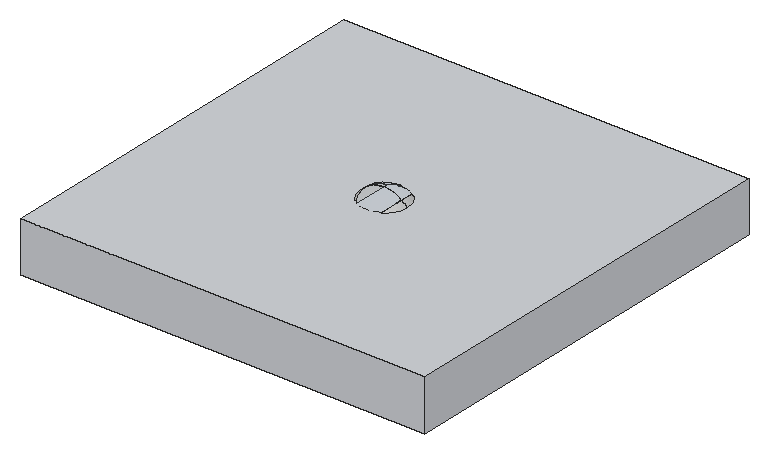
Revit family "GALAD Раунд LED", category Осветительные приборы, Revit 2018 (continued)
Types (3, lengths in mm): name | Файл фотометрической сетки | built-in parameter 1150142 | URL | IP | ADSK_Наименование краткое | ADSK_Наименование | ADSK_Марка | ADSK_Код изделия
    2.00 330.53 328.95 326.87 323.58 319.67 315.53 310.16 304.30 298.08 291.12 283.56 275.02 266.48 257.20 247.08 236.95 225.72 214.38 202.91 190.58 178.02 165.21 152.03 138.73 125.55 112.25 99.20 86.63 74.67 63.32 52.95 43.80 35.75 28.31 21.47 15.50 9.15 4.39 3.17 1.95 1.10 0.61 0.37 0.12 0.00 0.00 0.00 0.00 0.00 0.00 0.00 0.00 0.00 0.00 0.00 0.00 0.00 0.00 0.00 0.00 0.00 0.00 0.00 0.00 0.00 0.00 0.00 0.00 0.00 0.00 0.00 \r\n332.61 332.12 330.53 328.82 326.63 323.58 319.67 315.53 310.28 304.67 298.08 290.76 283.44 275.14 266.35 256.96 247.08 236.83 225.72 214.25 202.42 190.58 178.14 165.08 151.91 138.85 125.43 112.01 99.07 86.63 74.67 63.32 52.95 43.92 35.63 27.94 21.35 15.50 9.27 4.03 2.93 1.95 1.10 0.61 0.37 0.12 0.00 0.00 0.00 0.00 0.00 0.00 0.00 0.00 0.00 0.00 0.00 0.00 0.00 0.00 0.00 0.00 0.00 0.00 0.00 0.00 0.00 0.00 0.00 0.00 0.00 0.00 0.00 \r\n332.61 332.12 330.53 328.70 326.51 323.46 319.80 315.40 310.40 304.54 297.59 290.88 283.07 274.53 265.99 257.08 246.95 236.34 225.72 214.25 202.42 190.22 177.77 164.72 151.54 138.48 125.43 112.13 98.95 86.39 74.43 63.32 53.08 43.92 35.63 28.06 21.35 15.50 8.91 3.90 3.05 1.83 0.98 0.49 0.24 0.12 0.00 0.00 0.00 0.00 0.00 0.00 0.00 0.00 0.00 0.00 0.00 0.00 0.00 0.00 0.00 0.00 0.00 0.00 0.00 0.00 0.00 0.00 0.00 0.00 0.00 0.00 0.00 \r\n332.61 332.12 330.41 328.70 326.38 323.46 319.80 315.16 310.03 304.30 297.47 290.76 283.07 274.53 265.74 256.84 247.08 236.46 225.48 214.01 202.18 190.10 177.53 164.60 151.54 138.36 125.19 112.01 99.07 86.39 74.43 63.20 53.08 43.92 35.38 27.70 20.99 15.25 9.27 4.27 2.44 1.71 0.98 0.61 0.24 0.12 0.00 0.00 0.00 0.00 0.00 0.00 0.00 0.00 0.00 0.00 0.00 0.00 0.00 0.00 0.00 0.00 0.00 0.00 0.00 0.00 0.00 0.00 0.00 0.00 0.00 0.00 0.00 \r\n332.61 332.12 330.41 328.70 326.38 323.33 319.67 314.92 310.03 304.06 297.47 290.51 282.95 274.77 265.62 256.23 246.59 236.10 225.24 213.89 202.18 190.10 177.41 164.35 151.42 138.24 124.70 111.64 98.59 86.02 74.06 62.96 52.83 43.56 35.26 27.57 21.11 15.25 9.88 5.86 3.17 1.59 0.85 0.49 0.24 0.12 0.00 0.00 0.00 0.00 0.00 0.00 0.00 0.00 0.00 0.00 0.00 0.00 0.00 0.00 0.00 0.00 0.00 0.00 0.00 0.00 0.00 0.00 0.00 0.00 0.00 0.00 0.00 \r\n332.61 332.12 330.41 328.70 326.38 323.21 319.43 314.79 309.91 303.81 297.59 290.51 282.70 274.65 265.62 255.98 246.10 236.10 225.11 213.77 201.93 189.85 177.28 164.35 151.30 138.00 124.70 111.52 98.59 86.02 74.06 62.96 52.71 43.44 34.90 27.45 20.99 15.37 10.49 6.34 3.29 1.83 0.85 0.49 0.24 0.12 0.00 0.00 0.00 0.00 0.00 0.00 0.00 0.00 0.00 0.00 0.00 0.00 0.00 0.00 0.00 0.00 0.00 0.00 0.00 0.00 0.00 0.00 0.00 0.00 0.00 0.00 0.00 \r\n332.61 332.12 330.41 328.70 326.26 323.09 319.31 314.92 309.91 304.06 297.47 290.63 282.95 274.65 265.62 256.23 246.34 235.97 225.11 213.64 201.81 189.61 177.28 164.35 151.17 138.00 124.70 111.28 98.22 85.78 73.82 62.71 52.34 43.19 34.77 27.33 20.99 15.50 10.86 6.71 3.90 2.07 0.98 0.49 0.24 0.12 0.00 0.00 0.00 0.00 0.00 0.00 0.00 0.00 0.00 0.00 0.00 0.00 0.00 0.00 0.00 0.00 0.00 0.00 0.00 0.00 0.00 0.00 0.00 0.00 0.00 0.00 0.00 \r\n332.61 332.12 330.29 328.70 326.26 322.97 319.31 314.92 309.79 303.93 297.10 290.27 283.07 274.53 265.38 256.11 246.22 235.73 224.87 213.40 201.81 189.73 177.04 164.11 151.05 137.87 124.45 111.03 98.22 85.65 73.70 62.47 52.22 42.95 34.53 27.21 20.74 15.37 10.86 7.08 4.15 2.20 1.10 0.49 0.24 0.12 0.00 0.00 0.00 0.00 0.00 0.00 0.00 0.00 0.00 0.00 0.00 0.00 0.00 0.00 0.00 0.00 0.00 0.00 0.00 0.00 0.00 0.00 0.00 0.00 0.00 0.00 0.00 \r\n332.61 332.12 330.29 328.58 326.14 322.97 319.43 314.92 309.67 304.06 297.22 290.15 282.70 274.29 265.13 255.86 245.98 235.61 224.75 213.40 201.69 189.36 176.67 163.99 150.93 137.51 123.97 110.91 97.98 85.41 73.45 62.35 51.86 42.58 34.29 26.96 20.62 15.25 10.86 7.20 4.39 2.44 1.22 0.61 0.24 0.12 0.00 0.00 0.00 0.00 0.00 0.00 0.00 0.00 0.00 0.00 0.00 0.00 0.00 0.00 0.00 0.00 0.00 0.00 0.00 0.00 0.00 0.12 0.12 0.00 0.00 0.00 0.00 \r\n332.61 332.12 330.29 328.58 326.14 323.09 319.31 314.92 309.67 303.93 297.35 290.02 282.58 274.29 265.38 255.74 245.73 235.24 224.50 213.28 201.57 189.24 176.55 163.74 150.69 137.51 124.09 110.91 97.85 85.29 73.33 62.10 51.86 42.58 34.29 26.84 20.38 15.01 10.62 7.08 4.39 2.44 1.22 0.61 0.24 0.12 0.00 0.00 0.00 0.00 0.00 0.00 0.00 0.00 0.00 0.00 0.00 0.00 0.00 0.00 0.00 0.00 0.00 0.00 0.00 0.00 0.00 0.12 0.12 0.00 0.00 0.00 0.00 \r\n332.61 332.24 330.29 328.58 326.14 323.09 319.31 314.67 309.55 303.93 297.22 290.02 282.46 274.04 265.26 255.74 245.61 235.36 224.38 213.16 201.32 189.12 176.55 163.62 150.44 137.14 123.84 110.54 97.37 84.92 72.96 61.86 51.73 42.34 33.92 26.72 20.25 15.01 10.62 7.08 4.39 2.56 1.34 0.61 0.24 0.12 0.00 0.00 0.00 0.00 0.00 0.00 0.00 0.00 0.00 0.00 0.00 0.00 0.00 0.00 0.00 0.00 0.00 0.00 0.00 0.00 0.00 0.12 0.12 0.00 0.00 0.00 0.00 \r\n332.61 332.24 330.29 328.58 326.26 323.09 319.19 314.43 309.30 303.81 297.10 290.02 282.34 273.92 265.13 255.62 245.86 235.48 224.38 212.91 201.20 188.88 176.31 163.50 150.44 137.02 123.60 110.54 97.37 84.80 72.84 61.74 51.49 42.22 33.80 26.48 20.13 14.76 10.37 6.83 4.39 2.56 1.34 0.61 0.24 0.12 0.00 0.00 0.00 0.00 0.00 0.00 0.00 0.00 0.00 0.00 0.00 0.00 0.00 0.00 0.00 0.00 0.00 0.00 0.00 0.00 0.00 0.12 0.12 0.00 0.00 0.00 0.00 \r\n332.61 332.24 330.29 328.58 326.26 323.09 319.06 314.43 309.18 303.57 296.86 289.78 282.22 273.92 265.13 255.62 245.86 235.36 224.26 212.67 200.96 188.88 176.19 163.25 150.20 136.90 123.48 110.06 97.00 84.55 72.60 61.37 51.12 41.85 33.55 26.23 19.89 14.52 10.25 6.95 4.39 2.56 1.34 0.61 0.24 0.12 0.00 0.00 0.00 0.00 0.00 0.00 0.00 0.00 0.00 0.00 0.00 0.00 0.00 0.00 0.00 0.00 0.00 0.00 0.00 0.00 0.00 0.12 0.12 0.00 0.00 0.00 0.00 \r\n332.61 332.24 330.29 328.58 326.14 322.85 318.94 314.43 309.18 303.32 296.74 289.54 281.97 273.67 264.77 255.37 245.49 235.00 224.02 212.42 200.83 188.75 175.94 162.89 149.83 136.65 123.48 110.06 97.00 84.43 72.48 61.25 51.00 41.73 33.43 26.11 19.77 14.40 10.13 6.83 4.27 2.44 1.34 0.61 0.24 0.12 0.00 0.00 0.00 0.00 0.00 0.00 0.00 0.00 0.00 0.00 0.00 0.00 0.00 0.00 0.00 0.00 0.00 0.00 0.00 0.00 0.00 0.12 0.12 0.00 0.00 0.00 0.00 \r\n332.61 332.36 330.29 328.70 326.14 322.60 318.82 314.43 309.18 303.20 296.74 289.54 281.97 273.67 264.77 255.25 245.37 235.00 224.02 212.55 200.71 188.51 175.82 162.89 149.83 136.53 123.23 109.81 96.76 84.19 72.23 61.01 50.64 41.36 33.19 25.87 19.64 14.40 10.13 6.71 4.15 2.44 1.34 0.61 0.24 0.12 0.00 0.00 0.00 0.00 0.00 0.00 0.00 0.00 0.00 0.00 0.00 0.00 0.00 0.00 0.00 0.00 0.00 0.00 0.00 0.00 0.00 0.12 0.12 0.00 0.00 0.00 0.00 \r\n332.61 332.36 330.29 328.70 326.02 322.60 318.70 314.31 309.06 303.08 296.74 289.78 282.22 273.67 264.77 255.25 245.12 234.75 223.77 212.42 200.59 188.14 175.70 162.89 149.83 136.41 122.99 109.57 96.63 83.94 71.99 60.88 50.64 41.24 33.07 25.74 19.40 14.15 9.88 6.59 4.03 2.32 1.22 0.61 0.24 0.12 0.00 0.00 0.00 0.00 0.00 0.00 0.00 0.00 0.00 0.00 0.00 0.00 0.00 0.00 0.00 0.00 0.00 0.00 0.00 0.00 0.00 0.12 0.12 0.00 0.00 0.00 0.00 \r\n332.61 332.36 330.29 328.58 326.14 322.72 318.82 314.18 308.94 303.08 296.61 289.66 281.97 273.55 264.77 255.25 245.12 234.51 223.65 212.42 200.59 188.39 175.58 162.52 149.47 136.04 122.62 109.32 96.15 83.70 71.62 60.52 50.27 41.00 32.70 25.50 19.28 14.03 9.88 6.47 4.03 2.32 1.22 0.61 0.24 0.12 0.00 0.00 0.00 0.00 0.00 0.00 0.00 0.00 0.00 0.00 0.00 0.00 0.00 0.00 0.00 0.00 0.00 0.00 0.00 0.00 0.00 0.12 0.12 0.00 0.00 0.00 0.00 \r\n332.61 332.49 330.29 328.58 326.02 322.85 318.82 314.06 308.94 303.08 296.49 289.41 281.73 273.43 264.65 255.13 245.12 234.39 223.65 212.30 200.47 188.27 175.45 162.52 149.34 135.92 122.50 109.08 96.27 83.58 71.50 60.40 50.03 40.87 32.70 25.38 19.16 13.91 9.64 6.34 3.90 2.20 1.22 0.61 0.24 0.12 0.00 0.00 0.00 0.00 0.00 0.00 0.00 0.00 0.00 0.00 0.00 0.00 0.00 0.00 0.00 0.00 0.00 0.00 0.00 0.00 0.00 0.12 0.12 0.00 0.00 0.00 0.00 \r\n332.61 332.49 330.29 328.58 326.02 322.72 318.70 314.06 308.94 303.08 296.61 289.41 281.73 273.55 264.52 254.88 244.88 234.51 223.77 212.30 200.35 188.02 175.21 162.40 149.34 135.92 122.62 109.08 95.90 83.21 71.38 60.15 49.78 40.51 32.33 25.13 18.91 13.67 9.52 6.22 3.90 2.20 1.22 0.61 0.24 0.12 0.00 0.00 0.00 0.00 0.00 0.00 0.00 0.00 0.00 0.00 0.00 0.00 0.00 0.00 0.00 0.00 0.00 0.00 0.00 0.00 0.00 0.12 0.12 0.00 0.00 0.00 0.00 \r\n332.61 332.61 330.41 328.46 325.90 322.60 318.82 314.31 309.18 303.08 296.61 289.54 281.85 273.67 264.65 254.88 245.00 234.75 223.77 212.18 200.22 187.90 175.33 162.28 148.98 135.43 122.13 108.84 95.78 82.97 71.01 59.79 49.66 40.39 32.09 25.01 18.79 13.54 9.39 6.10 3.66 2.07 1.10 0.61 0.24 0.12 0.00 0.00 0.00 0.00 0.00 0.00 0.00 0.00 0.00 0.00 0.00 0.00 0.00 0.00 0.00 0.00 0.00 0.00 0.00 0.00 0.00 0.12 0.12 0.00 0.00 0.00 0.00 \r\n332.61 332.61 330.41 328.46 325.77 322.60 319.06 314.55 309.30 303.08 296.61 289.54 281.85 273.55 264.77 255.13 245.00 234.75 223.65 212.18 200.35 188.14 175.45 162.28 148.86 135.68 122.26 108.84 95.66 82.97 71.01 59.66 49.54 40.14 31.97 24.77 18.55 13.42 9.27 6.10 3.66 2.07 1.10 0.49 0.24 0.12 0.00 0.00 0.00 0.00 0.00 0.00 0.00 0.00 0.00 0.00 0.00 0.00 0.00 0.00 0.00 0.00 0.00 0.00 0.00 0.00 0.00 0.12 0.12 0.00 0.00 0.00 0.00 \r\n332.61 332.73 330.41 328.34 325.90 322.72 318.94 314.31 309.06 303.08 296.61 289.41 281.73 273.43 264.65 255.01 245.12 234.63 223.53 212.06 200.10 187.78 175.33 162.16 148.73 135.31 121.89 108.47 95.41 82.72 70.77 59.42 49.17 39.90 31.72 24.52 18.42 13.30 9.15 5.98 3.54 2.07 1.10 0.49 0.24 0.12 0.00 0.00 0.00 0.00 0.00 0.00 0.00 0.00 0.00 0.00 0.00 0.00 0.00 0.00 0.00 0.00 0.00 0.00 0.00 0.00 0.12 0.12 0.12 0.00 0.00 0.00 0.00 \r\n332.61 332.73 330.53 328.46 326.02 322.60 318.58 314.06 308.94 302.96 296.37 289.41 281.61 273.31 264.40 254.64 244.76 234.39 223.28 211.94 200.10 187.66 174.84 162.03 148.61 135.19 121.77 108.35 95.17 82.48 70.40 59.05 48.81 39.65 31.36 24.28 18.18 13.18 9.03 5.86 3.54 1.95 0.98 0.49 0.24 0.12 0.00 0.00 0.00 0.00 0.00 0.00 0.00 0.00 0.00 0.00 0.00 0.00 0.00 0.00 0.00 0.00 0.00 0.00 0.00 0.00 0.12 0.12 0.12 0.00 0.00 0.00 0.00 \r\n332.61 332.85 330.53 328.46 326.02 322.60 318.58 314.06 308.69 302.96 296.25 289.29 281.48 273.06 264.16 254.40 244.39 233.90 223.16 211.81 199.86 187.41 174.72 161.79 148.49 135.07 121.52 108.10 94.80 82.11 70.04 58.93 48.68 39.41 31.24 24.16 18.06 12.93 8.91 5.73 3.42 1.95 0.98 0.49 0.24 0.12 0.00 0.00 0.00 0.00 0.00 0.00 0.00 0.00 0.00 0.00 0.00 0.00 0.00 0.00 0.00 0.00 0.00 0.00 0.00 0.00 0.12 0.12 0.12 0.00 0.00 0.00 0.00 \r\n332.61 332.97 330.66 328.46 326.14 322.72 318.58 313.82 308.45 302.84 296.13 289.05 281.24 272.70 263.91 254.52 244.51 233.90 223.28 211.57 199.61 187.29 174.60 161.55 148.25 134.82 121.40 107.86 94.80 82.11 69.91 58.57 48.32 39.17 30.99 23.91 17.81 12.81 8.66 5.61 3.29 1.83 0.98 0.49 0.24 0.12 0.00 0.00 0.00 0.00 0.00 0.00 0.00 0.00 0.00 0.00 0.00 0.00 0.00 0.00 0.00 0.00 0.00 0.00 0.00 0.00 0.12 0.12 0.12 0.00 0.00 0.00 0.00 \r\n332.61 332.97 330.78 328.46 326.02 322.60 318.58 313.82 308.45 302.59 296.00 289.05 281.24 272.70 263.79 254.52 244.51 233.90 222.92 211.45 199.49 187.29 174.48 161.30 148.00 134.58 121.28 107.74 94.44 81.75 69.55 58.44 48.07 38.92 30.87 23.79 17.69 12.69 8.54 5.49 3.29 1.83 0.98 0.49 0.12 0.12 0.00 0.00 0.00 0.00 0.00 0.00 0.00 0.00 0.00 0.00 0.00 0.00 0.00 0.00 0.00 0.00 0.00 0.00 0.00 0.00 0.12 0.12 0.12 0.00 0.00 0.00 0.00 \r\n332.61 333.10 330.90 328.46 325.90 322.48 318.45 313.82 308.33 302.47 296.00 288.93 281.12 272.70 263.79 254.40 244.15 233.78 222.80 211.45 199.37 187.17 174.36 161.30 148.25 134.58 121.04 107.62 94.19 81.50 69.55 58.20 47.95 38.68 30.63 23.55 17.45 12.45 8.42 5.37 3.17 1.83 0.85 0.37 0.12 0.00 0.00 0.00 0.00 0.00 0.00 0.00 0.00 0.00 0.00 0.00 0.00 0.00 0.00 0.00 0.00 0.00 0.00 0.00 0.00 0.00 0.12 0.12 0.12 0.00 0.00 0.00 0.00 \r\n332.61 333.22 331.02 328.46 325.65 322.24 318.33 313.70 308.33 302.47 296.00 288.80 281.00 272.70 263.67 254.40 244.15 233.78 222.67 211.20 199.13 186.80 174.23 161.18 147.88 134.46 120.79 107.25 94.07 81.26 69.18 57.96 47.71 38.68 30.50 23.30 17.33 12.32 8.30 5.25 3.17 1.71 0.85 0.37 0.12 0.00 0.00 0.00 0.00 0.00 0.00 0.00 0.00 0.00 0.00 0.00 0.00 0.00 0.00 0.00 0.00 0.00 0.00 0.00 0.00 0.00 0.12 0.12 0.12 0.00 0.00 0.00 0.00 \r\n332.61 333.34 331.27 328.46 325.65 322.24 318.33 313.70 308.45 302.47 296.00 288.80 281.00 272.70 263.67 254.15 244.15 233.65 222.55 210.96 199.13 186.92 174.11 161.18 147.88 134.34 120.67 107.13 93.95 81.26 69.06 57.83 47.59 38.31 30.26 23.06 17.08 12.08 8.17 5.12 3.05 1.71 0.85 0.37 0.12 0.00 0.00 0.00 0.00 0.00 0.00 0.00 0.00 0.00 0.00 0.00 0.00 0.00 0.00 0.00 0.00 0.00 0.00 0.00 0.00 0.00 0.12 0.12 0.12 0.00 0.00 0.00 0.00 \r\n332.61 333.46 331.51 328.70 325.77 322.24 318.21 313.70 308.57 302.23 295.76 288.80 280.87 272.45 263.43 254.03 244.15 233.53 222.43 210.96 199.13 186.80 173.99 161.06 147.51 134.09 120.55 106.76 93.58 80.77 68.69 57.47 47.22 38.07 30.02 23.06 17.08 12.08 8.17 5.12 3.05 1.71 0.85 0.37 0.12 0.00 0.00 0.00 0.00 0.00 0.00 0.00 0.00 0.00 0.00 0.00 0.00 0.00 0.00 0.00 0.00 0.00 0.00 0.00 0.00 0.00 0.12 0.12 0.12 0.00 0.00 0.00 0.00 \r\n332.61 333.58 331.75 328.82 325.90 322.11 317.97 313.70 308.45 302.23 295.64 288.68 280.87 272.33 263.30 253.91 244.03 233.53 222.43 210.84 199.00 186.80 173.87 160.94 147.64 133.85 120.18 106.64 93.22 80.65 68.69 57.35 47.10 37.95 29.77 22.82 16.84 11.96 8.05 5.00 2.93 1.59 0.85 0.37 0.12 0.00 0.00 0.00 0.00 0.00 0.00 0.00 0.00 0.00 0.00 0.00 0.00 0.00 0.00 0.00 0.00 0.00 0.00 0.00 0.00 0.00 0.12 0.12 0.12 0.00 0.00 0.00 0.00 \r\n332.61 333.71 332.00 329.07 326.02 322.11 317.72 313.45 308.57 302.35 295.52 288.56 280.87 272.21 263.18 254.03 244.03 233.41 222.43 210.72 198.88 186.44 173.75 160.69 147.27 133.97 120.18 106.52 93.34 80.65 68.57 57.22 46.85 37.58 29.53 22.57 16.59 11.84 7.93 5.00 2.93 1.59 0.85 0.37 0.12 0.00 0.00 0.00 0.00 0.00 0.00 0.00 0.00 0.00 0.00 0.00 0.00 0.00 0.00 0.00 0.00 0.00 0.00 0.00 0.00 0.00 0.12 0.12 0.12 0.00 0.00 0.00 0.00 \r\n332.61 333.83 332.24 329.43 326.26 322.24 317.84 313.33 308.45 302.47 295.64 288.32 280.63 272.21 263.30 254.15 243.90 233.04 222.19 210.72 198.76 186.19 173.50 160.45 147.27 133.85 120.18 106.52 93.34 80.65 68.45 57.22 46.85 37.58 29.53 22.45 16.59 11.71 7.81 4.88 2.81 1.59 0.73 0.37 0.12 0.00 0.00 0.00 0.00 0.00 0.12 0.12 0.00 0.00 0.00 0.00 0.00 0.00 0.00 0.00 0.00 0.00 0.00 0.00 0.00 0.12 0.12 0.24 0.12 0.00 0.00 0.00 0.00 \r\n332.61 333.95 332.49 329.80 326.63 322.72 318.33 313.57 308.33 302.35 295.76 288.56 280.75 272.21 263.43 253.79 243.66 233.04 222.43 210.72 198.39 186.19 173.62 160.45 147.03 133.73 119.94 106.27 93.10 80.16 68.08 56.74 46.49 37.34 29.28 22.33 16.35 11.59 7.81 4.88 2.81 1.59 0.73 0.37 0.12 0.00 0.00 0.00 0.00 0.00 0.12 0.12 0.00 0.00 0.00 0.00 0.00 0.00 0.00 0.00 0.00 0.00 0.00 0.00 0.12 0.12 0.12 0.24 0.24 0.00 0.00 0.00 0.00 \r\n332.61 334.07 332.73 330.17 327.24 323.58 319.06 314.18 308.45 302.10 295.64 288.44 280.63 272.09 263.18 253.66 243.66 233.17 222.43 210.59 198.52 186.07 173.38 160.45 146.90 133.24 119.69 106.27 92.85 80.04 67.84 56.61 46.49 37.21 29.16 22.33 16.47 11.59 7.81 4.88 2.81 1.59 0.73 0.37 0.12 0.00 0.00 0.00 0.00 0.00 0.12 0.12 0.00 0.00 0.00 0.00 0.00 0.00 0.00 0.00 0.00 0.00 0.00 0.00 0.12 0.12 0.12 0.24 0.24 0.00 0.00 0.00 0.00 \r\n332.61 334.19 332.85 330.53 327.73 324.31 319.92 315.16 309.55 302.96 296.37 289.05 281.00 272.58 263.67 254.03 244.15 233.41 222.19 210.47 198.52 186.07 173.14 159.96 146.66 133.12 119.45 105.91 92.61 79.80 67.72 56.49 46.24 37.21 29.16 22.21 16.35 11.59 7.69 4.88 2.81 1.46 0.73 0.37 0.12 0.00 0.00 0.00 0.00 0.00 0.12 0.12 0.00 0.00 0.00 0.00 0.00 0.00 0.00 0.00 0.00 0.00 0.00 0.12 0.12 0.12 0.12 0.24 0.24 0.00 0.00 0.00 0.00 \r\n332.61 334.19 332.97 330.78 328.21 324.80 320.53 315.65 310.52 304.54 297.71 290.15 282.09 273.43 264.28 254.52 244.51 233.78 222.67 210.84 198.88 186.56 173.50 160.20 146.78 133.12 119.45 105.79 92.49 79.80 67.60 56.25 46.00 36.85 28.80 21.84 15.98 11.23 7.56 4.76 2.81 1.46 0.73 0.37 0.12 0.00 0.00 0.00 0.00 0.00 0.12 0.12 0.00 0.00 0.00 0.00 0.00 0.00 0.00 0.00 0.00 0.00 0.12 0.12 0.12 0.12 0.12 0.24 0.24 
    0.00 0.00 0.00 0.00 \r\n332.61 334.32 333.10 330.90 328.34 324.80 320.65 315.65 310.03 304.06 297.47 290.15 282.22 273.55 264.65 255.13 245.00 234.14 223.16 211.45 199.37 187.05 174.11 160.81 147.51 133.97 120.18 106.64 93.46 80.65 68.45 57.10 46.85 37.58 29.53 22.57 16.72 11.84 7.93 5.00 2.93 1.59 0.85 0.37 0.12 0.12 0.00 0.12 0.12 0.12 0.12 0.12 0.00 0.00 0.00 0.00 0.00 0.00 0.00 0.00 0.12 0.12 0.12 0.12 0.12 0.12 0.12 0.24 0.24 0.00 0.00 0.00 0.00 \r\n" | "https://galad.ru/catalog/indoor/zhkh/raund/galad-raund-led-9-eco-ip65/" | "65" | "GALAD Раунд LED-9 ECO IP65" | "GALAD Раунд LED-9 ECO IP65" | "GALAD Раунд LED-9 ECO IP65" | "16447"
